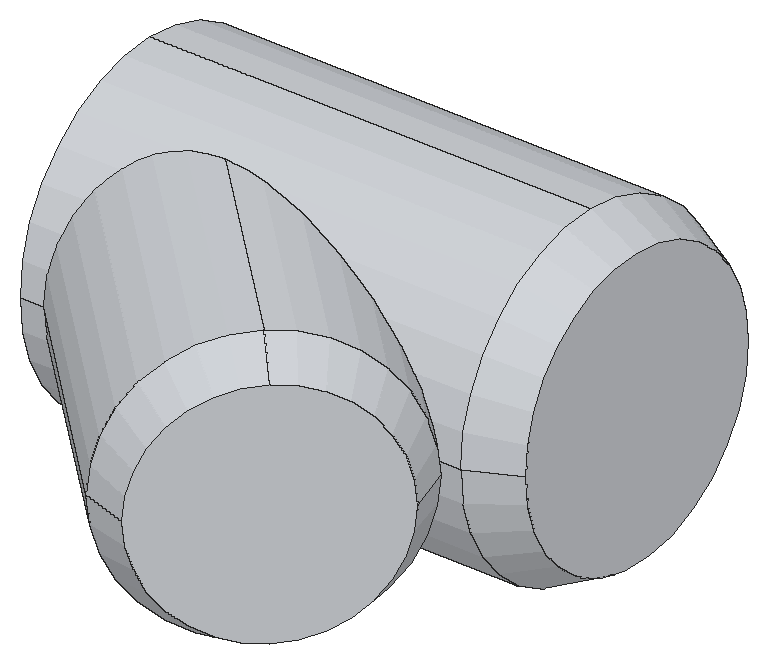
Revit family "M_Y redondo com transição - Cônico", category Conexões de duto, Revit 2019
Family settings
  Cota do conector redondo = Usar raio
  Tipo de parte = Tê  lateral
  Número OmniClass = 23.75.70.14
  Título OmniClass = Air Ductwork
  ID de item do Seek = Round Wye with Transition - Lateral - Conical-0000-CAN-ENU
  Com base no plano de trabalho = Não
  Sempre na vertical = Sim
  Corte com vazios quando carregada = Não
  Compartilhado = Não
Parameters (values of type "Padrão")
  Comprimento 5 [instance] = Raio 3 / sin(45.00°)  # 212.132 mm
  Comprimento 4 [instance] = (Comprimento do duto 1 + Comprimento do rebaixo) / sin(45.00°)  # 185.355 mm
  Comprimento do duto 1 [instance] = (Raio 3) * sin(45.00°)  # 106.066 mm
  Comprimento 3 [instance] = Raio do duto 3 / sin(45.00°)  # 176.777 mm
  Comprimento do rebaixo [instance] = 25 mm
  Raio 3 [instance] = Raio do duto 3 + 25 mm  # 150 mm
  Raio do duto 3 [instance] = 125 mm
  Raio do duto 2 [instance] = 150 mm
  Raio do duto 1 [instance] = 175 mm
  Comprimento do duto 3 [instance] = 2 * (Raio 3 - Raio do duto 3)  # 50 mm
  Comprimento do duto 2 [instance] = if(Diâmetro do duto 1 > Diâmetro do duto 2, Diâmetro do duto 1 - Diâmetro do duto 2, Diâmetro do duto 2 - Diâmetro do duto 1 + 25 mm)  # 50 mm
  Comprimento do duto 4 [instance] = 2 * (Comprimento do rebaixo + Comprimento 5)  # 474.264 mm
  Comprimento do duto 5 [instance] = Comprimento 4 + Raio 3 + Comprimento do rebaixo  # 360.355 mm
  Comprimento 2 [instance] = if(Comprimento 3 > Raio do duto 1, Comprimento 3 - Raio do duto 1, Raio do duto 1 - Comprimento 3)  # 1.777 mm
  Comprimento 1 [instance] = abs(Raio do duto 1 - Comprimento do rebaixo - Comprimento do duto 1)  # 43.934 mm
  Diâmetro do duto 3 [instance] = Raio do duto 3 * 2  # 250 mm
  Diâmetro do duto 2 [instance] = Raio do duto 2 * 2  # 300 mm
  Diâmetro do duto 1 [instance] = Raio do duto 1 * 2  # 350 mm
  Assembly Code = ""
Reference planes
  plane 1 "Centro (Frente/Trás)": y = 0
  plane 2: z = 0
  plane 3 "Centro (Esquerda/Direita)": x = 0
  plane 4: x = 106.066
  plane 5: y = -43.934
  plane 6: x = 474.264
  plane 7: x = 524.264
Forms (mm)
  Sweep 1, solid, detail levels medium+fine
    path in 3D
      loop
        line (106.066, -43.934, 0) -> (360.876, -298.744, 0)
    profile "M_Duto - Redondo : Duto - Redondo 3" origin (233.471, -171.339, 0) x (0.707107, 0.707107, 0) y (0, 0, 1)
      loop
        arc (-150, 0) -> (-106.066, -106.066) -> (0, -150) r 150
        arc (0, -150) -> (106.066, -106.066) -> (150, 0) r 150
        arc (150, 0) -> (106.066, 106.066) -> (0, 150) r 150
        arc (0, 150) -> (-106.066, 106.066) -> (-150, 0) r 150
  Sweep 2, solid, detail levels medium+fine
    path in 3D
      loop
        line (474.264, 0, 0) -> (0, 0, 0)
    profile "M_Duto - Redondo : Duto - Redondo 1" origin (237.132, 0, 0) x (0, -1, 0) y (0, 0, 1)
      loop
        arc (-175, 0) -> (-123.744, -123.744) -> (0, -175) r 175
        arc (0, -175) -> (123.744, -123.744) -> (175, 0) r 175
        arc (175, 0) -> (123.744, 123.744) -> (0, 175) r 175
        arc (0, 175) -> (-123.744, 123.744) -> (-175, 0) r 175
  Blend 3, solid, detail levels medium+fine
    base sketch origin (474.264, 0, 0) x (0, 1, 0) y (0, 0, 1)
      loop
        circle (0, 0) r 175
    top sketch origin (474.264, 0, 0) x (0, 1, 0) y (0, 0, 1)
      loop
        circle (0, 0) r 150
    from 0 to 50 <- "Comprimento do duto 2"
  Blend 4, solid, detail levels medium+fine
    base sketch origin (360.876, -298.744, 0) x (0, 0, 1) y (-0.707107, -0.707107, 0)
      loop
        arc (0, 150) -> (-106.066, 106.066) -> (-150, 0) r 150
        arc (-150, 0) -> (-106.066, -106.066) -> (0, -150) r 150
        arc (0, -150) -> (106.066, -106.066) -> (150, 0) r 150
        arc (150, 0) -> (106.066, 106.066) -> (0, 150) r 150
    top sketch origin (360.876, -298.744, 0) x (0, 0, 1) y (-0.707107, -0.707107, 0)
      loop
        arc (0, 125) -> (-88.388, 88.388) -> (-125, 0) r 125
        arc (-125, 0) -> (-88.388, -88.388) -> (0, -125) r 125
        arc (0, -125) -> (88.388, -88.388) -> (125, 0) r 125
        arc (125, 0) -> (88.388, 88.388) -> (0, 125) r 125
    from 0 to 50 <- "Comprimento do duto 3"
  Extrusion 5, solid, detail levels medium+fine
    sketch origin (532.652, 0, 0) x (0, 1, 0) y (0, 0, 1)
      loop
        circle (0, 0) r 1.27
    from -58.388 to -8.388
Cuts and joins
  joined: Sweep 1, Sweep 2, Blend 3, Blend 4, Extrusion 5
Lines and regions (mm)
  reference lines
    curve 1: line (0, 0, 0) -> (12.7, 0, 0)
    curve 2: line (106.066, -43.934, 0) -> (360.876, -298.744, 0)
    curve 4: line (474.264, 0, 0) -> (0, 0, 0)
    curve 6: line (360.876, -298.744, 0) -> (396.231, -334.099, 0)
    curve 7: line (474.264, 0, 0) -> (524.264, 0, 0)
  sketch lines
    curve 3: line (106.066, -43.934, 0) -> (360.876, -298.744, 0)
    curve 5: line (474.264, 0, 0) -> (0, 0, 0)
  model lines, style "DuctFitting", detail levels coarse
    curve 8: line (0, 0, 0) -> (524.264, 0, 0)
    curve 9: line (106.066, -43.934, 0) -> (360.31, -298.178, 0)
    curve 10: line (396.231, -334.099, 0) -> (360.31, -298.178, 0)
  model lines, detail levels coarse
    curve 11: line (106.066, -43.934, 0) -> (106.066, 0, 0)
Dimensions and locks
  "Comprimento 1": plane 5 to plane 1 "Centro (Frente/Trás)"
  "Comprimento do duto 1": plane 3 "Centro (Esquerda/Direita)" to plane 4
  "Comprimento do duto 5": curve 2 to curve 2
  "Comprimento do duto 4": plane 3 "Centro (Esquerda/Direita)" to plane 6
  "Comprimento do duto 2": plane 6 to plane 7
  "Comprimento do duto 3": curve 6 to curve 6
  "Raio do duto 1": radius of Blend 3 sketch curve
  "Raio do duto 2": radius of Blend 3 sketch curve
  radius of Sweep 1 = 150 mm
  "Raio do duto 3": radius of Blend 4 sketch curve
  radius of Extrusion 5 sketch curve = 1.27 mm
  locked: curve 2 to plane 5 (angle 45.00°)
  angle curve 6 to plane 5 = 45.00°
  locked: curve 10 to plane 5 (angle 45.00°)
  aligned and locked: plane 3 "Centro (Esquerda/Direita)" to curve 4
  aligned and locked: plane 6 to curve 4
  aligned and locked: curve 4 to plane 1 "Centro (Frente/Trás)"
  aligned and locked: plane 7 to curve 7
  aligned and locked: plane 1 "Centro (Frente/Trás)" to Blend 3 sketch curve  (x2)
  aligned and locked: plane 2 to Blend 3 sketch curve  (x2)
  aligned and locked: plane 4 to curve 9
  aligned and locked: curve 9 to curve 2
  aligned and locked: Blend 4 to curve 10
  aligned and locked: plane 2 to Extrusion 5 sketch curve
  aligned and locked: plane 1 "Centro (Frente/Trás)" to Extrusion 5 sketch curve
  aligned and locked: Extrusion 5 to plane 6
  aligned and locked: plane 7 to Extrusion 5
Automatic sketch dimensions
  curve 1 to plane 1 "Centro (Frente/Trás)" = 0 mm
  curve 1 to plane 3 "Centro (Esquerda/Direita)" = 0 mm
  curve 2 to plane 4 = 0 mm
  curve 2 to plane 5 = 0 mm
  plane 3 "Centro (Esquerda/Direita)" to curve 1 = 12.7 mm
  Blend 4 sketch curve to Blend 4 sketch curve = 0 mm  (x14)
  curve 8 to plane 3 "Centro (Esquerda/Direita)" = 0 mm
  curve 8 to plane 7 = 0 mm
  curve 8 to plane 1 "Centro (Frente/Trás)" = 0 mm
  radius of Blend 4 sketch curve to Sweep 1 = 0 mm
Connectors
  hvac at (0, 0, 0), driven by "Raio do duto 1"
    settings: on cut or joined group of Sweep 1, Sweep 2, Blend 3, Blend 4, Extrusion 5, index 1, duct flow 0.0 L/s, flow factor 0, pres drop 0.0 Pa, loss coef 0, conn angle 0.00°, conn width 304.8 mm, conn height 304.8 mm, conn diameter 350 mm, duct sys type 28, conn prof type 0, flow config 0, flow direction 0, loss method 0, conn ref index 2, conn util no, is conn primary yes, conn desc ""
  hvac at (524.264, 0, 0), driven by "Raio do duto 2"
    settings: on Extrusion 5, index 2, duct flow 0.0 L/s, flow factor 0, pres drop 0.0 Pa, loss coef 0, conn angle 0.00°, conn width 304.8 mm, conn height 304.8 mm, conn diameter 300 mm, duct sys type 28, conn prof type 0, flow config 0, flow direction 0, loss method 0, conn ref index 1, conn util no, is conn primary no, conn desc ""
  hvac at (396.231, -334.099, 0), driven by "Raio do duto 3"
    settings: on cut or joined group of Sweep 1, Sweep 2, Blend 3, Blend 4, Extrusion 5, index 3, duct flow 0.0 L/s, flow factor 0, pres drop 0.0 Pa, loss coef 0, conn angle 0.00°, conn width 304.8 mm, conn height 304.8 mm, conn diameter 250 mm, duct sys type 28, conn prof type 0, flow config 0, flow direction 0, loss method 0, conn ref index -1, conn util no, is conn primary no, conn desc ""
